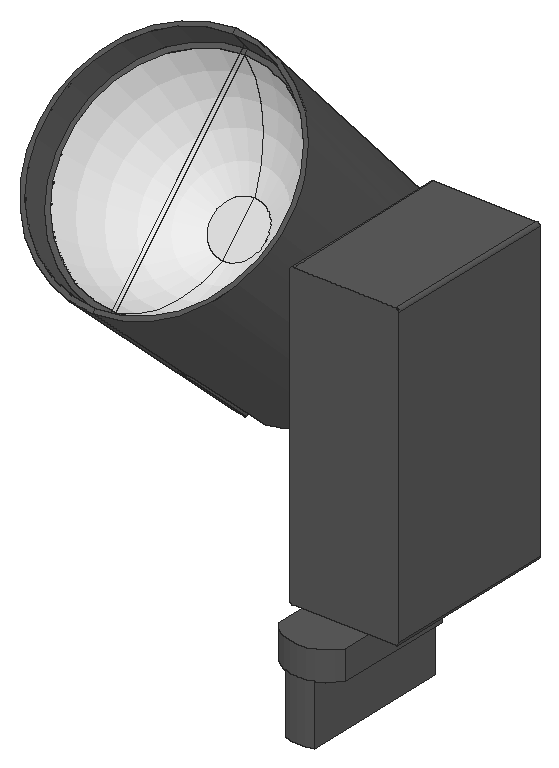
Revit family "0004953 Feilo Sylvania Lighting Fixture START TRACK SPOT L DALI 4897LM 940 MB BLK", category Lighting Fixtures, host Face, Revit 2017
Family settings
  Host = Face
  Round Connector Dimension = Use Diameter
  Part Type = Normal
  OmniClass Number = 23.80.70.00
  OmniClass Title = Lighting
  Cut with Voids When Loaded = No
  Light Source = No
  Shared = No
  Room Calculation Point = No
Parameters (values of type "0004953 START TRACK SPOT L DALI 4897LM 940 MB BLK")
  Weight = "1.398 kg"
  Wattage Comments = ""
  WarrantyStartDate [instance] = "n/a"
  WarrantyGuarantorParts = "n/a"
  WarrantyDurationUnit = "n/a"
  WarrantyDurationParts = "n/a"
  WarrantyDescription = "n/a"
  Voltage = 230 V
  URL = "http://www.sylvania-lighting.com/"
  TypeName = "START TRACK SPOT L DALI 4897LM 940 MB BLK"
  TypeHead_FEILO = Start Track Spot Head : 0004905 START TRACK SPOT L 55W 4K RA90 MB BLACK
  TypeBox_FEILO = Start Track Spot Box : Type Large Black
  Type Image = <None>
  Type Comments = "n/a"
  VerticalRotation_FEILO [instance] = 0.00°
  SlideEndAngle_FEILO [instance] = VerticalRotation_FEILO + 180.00°  # 180.00°
  SerialNumber [instance] = "n/a"
  Material_3_FEILO = none
  PowerFactor = 0.96
  PowerConsumption = "55 W"
  NominalLength = 0 mm
  NominalHeight = 240 mm
  NominalDepth = 164 mm
  Name = "START TRACK SPOT L DALI 4897LM 940 MB BLK"
  ModelReference = Name  # "START TRACK SPOT L DALI 4897LM 940 MB BLK"
  ModelNumber = "0004953"
  Model = Name  # "START TRACK SPOT L DALI 4897LM 940 MB BLK"
  Material = "adc12 aluminium housing, polycarbonate diffuser"
  ManufacturerName = "Feilo Sylvania"
  Manufacturer = "Feilo Sylvania"
  LuminousEfficacy = "89 lm/W"
  LuminaireType = ""
  LightOutputRatio = "100"
  LampsType = Lamp  # "LED"
  LampNominalLuminous = "4897 lm"
  LampMacAdamStep = "3"
  LampColourTemperature = "4000 K"
  LampColourRenderingIndex = "90"
  Lamp = "LED"
  Keynote = "16500"
  InstallationDate [instance] = "n/a"
  InputVoltage = "230-240V~"
  InputNominalFrequency = "50/60 Hz"
  IngressProtection = "IP20"
  ImpactProtectionIndex = "IK02"
  IfcExportType = "IfcLightFixtureType"
  IfcExportAs = "IfcLightFixtureType"
  HorizontalRotation_FEILO [instance] = 45.00°
  ExpectedLife = 50000
  ElectricShockClassification = "Class II"
  DurationUnit = "hours"
  DocumentationLiterature = "http://www.sylvania-lighting.com/product/en-int/products/0004905"
  DimmingControlOptions = "Dimmable"
  Material_2_FEILO = none
  Description = "Integrated LED spotlight, Textured Black - RAL9005, compact and minimalist design, ideal for retail applications, die-cast aluminium body, passive cooling heatsink. Beam angle: 38°, color temperature: 4000K , total system power: 55W, total fixture output: 4897 lm, LOR: 100%, colour rendering: Ra: 90 typical, LED Chromaticity: 3 step MacAdam ellipse, lifetime: >50000 hours at L70B50, energy class: A++, A+, A, IR/UV free light source without heat radiation, operating voltage: 220-240V / 50-60Hz, drive current: 1400mA, electronic driver, non-dimmable, power factor: 0.96, electrical protection: Class II, Global Track 3 Phase adapter suitable for Global trac 3-circuit tracks, ingress protection rating: IP20, suitable for internal environment only, horizontal rotation: 355°, vertical tilt: 90°, dimensions: Ø113x164x240, weight: 1.398kg."
  Default Elevation = 1219.2 mm
  CreatedOn = "04/26/2018"
  CreatedBy = ""
  Cost = 0
  built-in parameter 1114216 [instance] = (empty or 0)
  ClassificationValue = "EF_70_80"
  ClassificationName = "Uniclass2015"
  Material_1_FEILO = Body-Sylvania-StartTrackSpot-Black
  BarCode [instance] = "n/a"
  AssetType = "Fixed"
  AssetIdentifier [instance] = "n/a"
  Assembly Code = "D5020200"
  Apparent Load = 55 VA
  Material_4_FEILO = none
Reference planes
  plane 1 "Center (Front/Back)": y = 0
  plane 2: z = 0
  plane 3 "Center (Left/Right)": x = 0
  plane 4: x = 15
  plane 5: x = -15
  plane 6: y = 35
  plane 7: y = -35
  plane 8: z = 13
  plane 9: z = -27
  plane 10: x = 6.5
  plane 11: x = -6.5
  plane 12: y = 27
  plane 13: y = -27
  plane 14: y = 20
Forms (mm)
  Extrusion 1, solid, material "Body-Sylvania-StartTrackSpot-Black" <- "Material_1_FEILO"
    sketch origin (0, 0, 0) x (1, 0, 0) y (0, 1, 0)
      loop
        line (-15, 27) -> (-15, -27)
        arc (-15, -27) -> (0, -35) -> (15, -27) r 18.062
        line (15, -27) -> (15, 27)
        arc (15, 27) -> (0, 35) -> (-15, 27) r 18.062
    from 0 to 13
  Extrusion 2, solid, material "Body-Sylvania-StartTrackSpot-Black" <- "Material_1_FEILO"
    sketch origin (0, 0, 0) x (1, 0, 0) y (0, 1, 0)
      loop
        arc (6.5, 33.79) -> (0, 35) -> (-6.5, 33.79) r 18.062
        line (-6.5, 33.79) -> (-6.5, -33.79)
        arc (-6.5, -33.79) -> (0, -35) -> (6.5, -33.79) r 18.062
        line (6.5, -33.79) -> (6.5, 33.79)
    from 0 to -27
  Revolve 3, solid, not visible
    sketch origin (1524, 20, 1219.2) x (1, 0, 0) y (0, 0, 1)
      loop
        line (-1524, -1206.2) -> (-1524, -1191.285) -> (-1530.5, -1191.285) -> (-1530.5, -1206.2) -> (-1524, -1206.2)
      axis (-1524, -1191.285) -> (-1524, -1206.2)
    angle from 0 <- "VerticalRotation_FEILO" to 180 <- "SlideEndAngle_FEILO"
Cuts and joins
  joined: Extrusion 1, Extrusion 2
Dimensions and locks
  equal spacing: plane 10, plane 3 "Center (Left/Right)", plane 11
  equal spacing: plane 4, plane 3 "Center (Left/Right)", plane 5
  locked: plane 8 to plane 2 at 13
  locked: plane 8 to plane 9 at 40
  equal spacing: plane 13, plane 1 "Center (Front/Back)", plane 12
  locked: plane 12 to plane 6 at 8
  locked: plane 14 to plane 6 at 15
  locked: Revolve 3 sketch curve to plane 8 at 14.915
  aligned and locked: plane 2 to host face
  aligned and locked: level to host face
  aligned and locked: plane 5 to Extrusion 1 sketch curve  (x2)
  aligned and locked: plane 12 to Extrusion 1 sketch curve
  aligned and locked: plane 13 to Extrusion 1 sketch curve
  aligned and locked: plane 4 to Extrusion 1 sketch curve
  aligned and locked: Extrusion 1 to plane 8
  aligned and locked: Extrusion 1 to level
  aligned and locked: Extrusion 2 sketch curve to Extrusion 1  (x2)
  aligned and locked: Extrusion 2 sketch curve to plane 11
  aligned and locked: plane 10 to Extrusion 2 sketch curve
  aligned and locked: plane 9 to Extrusion 2
  aligned and locked: level to Extrusion 2
  aligned and locked: Revolve 3 sketch curve to plane 3 "Center (Left/Right)"  (x2)
  aligned and locked: plane 11 to Revolve 3 sketch curve
  aligned and locked: Revolve 3 sketch curve to plane 8
Automatic sketch dimensions
  host sketch curve to host sketch curve = 2438.4 mm  (x2)
  Extrusion 1 sketch curve to plane 3 "Center (Left/Right)" = 0 mm  (x2)
  Extrusion 1 sketch curve to plane 13 = 10.062 mm
  plane 12 to Extrusion 1 sketch curve = 10.062 mm
  Revolve 3 sketch curve to plane 3 "Center (Left/Right)" = 0 mm
  plane 9 to Revolve 3 sketch curve = 582.6 mm
  Revolve 3 sketch curve to Revolve 3 sketch curve = 2581.144 mm
Nested families
  nested 1: "Start Track Spot Head" at (-75.5, 20, 133) x (0, 0.7071, 0.7071) z (0, 0.7071, -0.7071), type <- "TypeHead_FEILO", type "0004905 START TRACK SPOT L 55W 4K RA90 MB BLACK"
    with built-in parameter 1114216 (empty or 0)
  nested 2: "Start Track Spot Box" at (8.5, 20, 85) x (-1, 0, 0) z (0, -1, 0), BoxStartAngle_FEILO <- "HorizontalRotation_FEILO", type <- "TypeBox_FEILO", type "Type Large Black"
    with BoxStartAngle_FEILO 45.00°, BoxEndAngle_FEILO -135.00°
Connectors
  electrical at (0, 0, 0), driven by "Apparent Load", driven by "PowerFactor", driven by "Voltage"
    settings: index 1, voltage 230 V, apparent load 55 VA, apparent load phase1 0 VA, apparent load phase2 0 VA, apparent load phase3 0 VA, power factor 0.96, load classification "Lighting", number of poles 1, system type 30, power factor state 1, is connector primary yes, connector utility no, sub classification motor no, connector description ""
Definition of nested family "Start Track Spot Head"
  Parameters (values of type "0004811 START TRACK SPOT S 14W 3K RA80 NB WHITE")
    Wattage Comments = "n/a"
    Wattage = 14 W
    built-in parameter 1150110 = 1 (stored number, unit not read)
    URL = "http://www.feilosylvania.com"
    Type Image = (empty or 0)
    Type Comments = "n/a"
    built-in parameter 1114217 = 1 (stored number, unit not read)
    Tilt Angle = -90.00°
    built-in parameter 1150109 = 1 (stored number, unit not read)
    built-in parameter 1150134 = (empty or 0)
    built-in parameter 1150113 = 1 (stored number, unit not read)
    Photometric Web File = "0004811.ies"
    Material_3_FEILO = none
    Model = "START TRACK SPOT S 14W 3K RA80 NB WHITE"
    Manufacturer = "Feilo Sylvania"
    built-in parameter 1150105 = 123.66 (stored number, unit not read)
    Lumens = 1554 lm
    built-in parameter 1150115 = 1 (stored number, unit not read)
    built-in parameter 1150137 = (empty or 0)
    built-in parameter 1150139 = (empty or 0)
    built-in parameter 1150112 = 1 (stored number, unit not read)
    built-in parameter 1150114 = 1 (stored number, unit not read)
    Lamp = "LED"
    Keynote = "16500"
    Material_2_FEILO = none
    built-in parameter 1150132 = (empty or 0)
    built-in parameter 1150102 = (empty or 0)
    built-in parameter 1150107 = 3000 (stored number, unit not read)
    built-in parameter 1150138 = (empty or 0)
    built-in parameter 1150106 = 1.2366 (stored number, unit not read)
    HeadThickness_FEILO = if(HeadDiaOut_FEILO > 112 mm, 2 mm, 1.5 mm)  # 1.5 mm
    HeadRibOffset_FEILO = HeadHeight_FEILO / 28  # 4.179 mm
    HeadRibDepth_FEILO = HeadHeight_FEILO / 2.1  # 55.714 mm
    HeadRibCutWidth_FEILO = HeadDiaOut_FEILO / 12  # 7.167 mm
    HeadRibCutOffset_FEILO = HeadHeight_FEILO / 2.3  # 50.87 mm
    HeadReflectorRadius_FEILO = HeadDiaOut_FEILO / 1.7  # 50.588 mm
    HeadReflectorOffset_FEILO = HeadHeight_FEILO / 2.1  # 55.714 mm
    HeadLEDRadius_FEILO = HeadDiaOut_FEILO / 9  # 9.556 mm
    HeadHeight_FEILO = 117 mm
    HeadDraft_FEILO = 1 mm
    HeadDiffusorThickness_FEILO = 3 mm
    HeadDiffusorOffset_FEILO = HeadHeight_FEILO / 12.4  # 9.435 mm
    HeadDiaOut_FEILO = 86 mm
    HeadDiaIn_FEILO = HeadDiaOut_FEILO / 1.11  # 77.477 mm
    HeadAxisFromTop_FEILO = HeadHeight_FEILO / 1.687  # 69.354 mm
    Emit from Circle Diameter = HeadDiaIn_FEILO  # 77.477 mm
    Emit Shape Visible in Rendering = no
    built-in parameter 1150104 = 10.312 (stored number, unit not read)
    Dimming Lamp Color Temperature Shift = (empty or 0)
    Description = "Integrated LED spotlight, Textured White - RAL9016, compact and minimalist design, ideal for retail applications, die-cast aluminium body, passive cooling heatsink. Beam angle: 12°, color temperature: 3000K , total system power: 14W, total fixture output: 1551 lm, LOR: 100%, colour rendering: Ra: 80 typical, LED Chromaticity: 3 step MacAdam ellipse, lifetime: >50000 hours at L70B50, energy class: A++, A+, A, IR/UV free light source without heat radiation, operating voltage: 220-240V / 50-60Hz, drive current: 350mA, electronic driver, non-dimmable, power factor: 0.92, electrical protection: Class II, Global Track 3 Phase adapter suitable for Global trac 3-circuit tracks, ingress protection rating: IP20, suitable for internal environment only, horizontal rotation: 355°, vertical tilt: 90°, dimensions: Ø86x140x200, weight: 0.940kg."
    Default Elevation = 1219.2 mm
    Cost = 0
    Color Filter = 16777215
    built-in parameter 1114216 [instance] = (empty or 0)
    Material_1_FEILO = none
    built-in parameter 1114218 = 1 (stored number, unit not read)
    built-in parameter 1150133 = 10 (stored number, unit not read)
    Assembly Code = "D5020200"
    Apparent Load = 14 VA
    Material_4_FEILO = none
  Types (96, lengths in mm): name | Wattage | built-in parameter 1150134 | Photometric Web File | Model | built-in parameter 1150105 | Lumens | built-in parameter 1150107 | built-in parameter 1150106 | HeadThickness_FEILO | HeadRibOffset_FEILO | HeadRibDepth_FEILO | HeadRibCutWidth_FEILO | HeadRibCutOffset_FEILO | HeadReflectorRadius_FEILO | HeadReflectorOffset_FEILO | HeadLEDRadius_FEILO | HeadHeight_FEILO | HeadDiffusorOffset_FEILO | HeadDiaOut_FEILO | HeadDiaIn_FEILO | HeadAxisFromTop_FEILO | Emit from Circle Diameter | built-in parameter 1150104 | Description | Apparent Load
    0004906 START TRACK SPOT L 55W 4K RA90 WB BLACK | 55 W | 12 | "0004906.ies" | "START TRACK SPOT L 55W 4K RA90 WB BLACK" | 385.15 (stored number, unit not read) | 4840 lm | 4000 (stored number, unit not read) | 3.8515 (stored number, unit not read) | 2 | 4.429 | 59.048 | 9.417 | 53.913 | 66.471 | 59.048 | 12.556 | 124 | 10 | 113 | 101.802 | 73.503 | 101.802 | 8.1755 (stored number, unit not read) | "Integrated LED spotlight, Textured Black - RAL9005, compact and minimalist design, ideal for retail applications, die-cast aluminium body, passive cooling heatsink. Beam angle: 52°, color temperature: 4000K , total system power: 55W, total fixture output: 4824 lm, LOR: 100%, colour rendering: Ra: 90 typical, LED Chromaticity: 3 step MacAdam ellipse, lifetime: >50000 hours at L70B50, energy class: A++, A+, A, IR/UV free light source without heat radiation, operating voltage: 220-240V / 50-60Hz, drive current: 1400mA, electronic driver, non-dimmable, power factor: 0.96, electrical protection: Class II, Global Track 3 Phase adapter suitable for Global trac 3-circuit tracks, ingress protection rating: IP20, suitable for internal environment only, horizontal rotation: 355°, vertical tilt: 90°, dimensions: Ø113x164x240, weight: 1.398kg." | 55 VA
    0004905 START TRACK SPOT L 55W 4K RA90 MB BLACK | 55 W | 12 | "0004905.ies" | "START TRACK SPOT L 55W 4K RA90 MB BLACK" | 389.53 (stored number, unit not read) | 4895 lm | 4000 (stored number, unit not read) | 3.8953 (stored number, unit not read) | 2 | 4.429 | 59.048 | 9.417 | 53.913 | 66.471 | 59.048 | 12.556 | 124 | 10 | 113 | 101.802 | 73.503 | 101.802 | 8.2684 (stored number, unit not read) | "Integrated LED spotlight, Textured Black - RAL9005, compact and minimalist design, ideal for retail applications, die-cast aluminium body, passive cooling heatsink. Beam angle: 38°, color temperature: 4000K , total system power: 55W, total fixture output: 4897 lm, LOR: 100%, colour rendering: Ra: 90 typical, LED Chromaticity: 3 step MacAdam ellipse, lifetime: >50000 hours at L70B50, energy class: A++, A+, A, IR/UV free light source without heat radiation, operating voltage: 220-240V / 50-60Hz, drive current: 1400mA, electronic driver, non-dimmable, power factor: 0.96, electrical protection: Class II, Global Track 3 Phase adapter suitable for Global trac 3-circuit tracks, ingress protection rating: IP20, suitable for internal environment only, horizontal rotation: 355°, vertical tilt: 90°, dimensions: Ø113x164x240, weight: 1.398kg." | 55 VA
    0004904 START TRACK SPOT L 55W 4K RA90 NB BLACK | 55 W | 12 | "0004904.ies" | "START TRACK SPOT L 55W 4K RA90 NB BLACK" | 393.91 (stored number, unit not read) | 4950 lm | 4000 (stored number, unit not read) | 3.9391 (stored number, unit not read) | 2 | 4.429 | 59.048 | 9.417 | 53.913 | 66.471 | 59.048 | 12.556 | 124 | 10 | 113 | 101.802 | 73.503 | 101.802 | 8.3613 (stored number, unit not read) | "Integrated LED spotlight, Textured Black - RAL9005, compact and minimalist design, ideal for retail applications, die-cast aluminium body, passive cooling heatsink. Beam angle: 15°, color temperature: 4000K , total system power: 55W, total fixture output: 4965 lm, LOR: 100%, colour rendering: Ra: 90 typical, LED Chromaticity: 3 step MacAdam ellipse, lifetime: >50000 hours at L70B50, energy class: A++, A+, A, IR/UV free light source without heat radiation, operating voltage: 220-240V / 50-60Hz, drive current: 1400mA, electronic driver, non-dimmable, power factor: 0.96, electrical protection: Class II, Global Track 3 Phase adapter suitable for Global trac 3-circuit tracks, ingress protection rating: IP20, suitable for internal environment only, horizontal rotation: 355°, vertical tilt: 90°, dimensions: Ø113x164x240, weight: 1.398kg." | 55 VA
    0004903 START TRACK SPOT L 35W 4K RA90 WB BLACK | 35 W | 12 | "0004903.ies" | "START TRACK SPOT L 35W 4K RA90 WB BLACK" | 284.09 (stored number, unit not read) | 3570 lm | 4000 (stored number, unit not read) | 2.8409 (stored number, unit not read) | 2 | 4.429 | 59.048 | 9.417 | 53.913 | 66.471 | 59.048 | 12.556 | 124 | 10 | 113 | 101.802 | 73.503 | 101.802 | 9.4761 (stored number, unit not read) | "Integrated LED spotlight, Textured Black - RAL9005, compact and minimalist design, ideal for retail applications, die-cast aluminium body, passive cooling heatsink. Beam angle: 52°, color temperature: 4000K , total system power: 35W, total fixture output: 3562 lm, LOR: 100%, colour rendering: Ra: 90 typical, LED Chromaticity: 3 step MacAdam ellipse, lifetime: >50000 hours at L70B50, energy class: A++, A+, A, IR/UV free light source without heat radiation, operating voltage: 220-240V / 50-60Hz, drive current: 900mA, electronic driver, non-dimmable, power factor: 0.93, electrical protection: Class II, Global Track 3 Phase adapter suitable for Global trac 3-circuit tracks, ingress protection rating: IP20, suitable for internal environment only, horizontal rotation: 355°, vertical tilt: 90°, dimensions: Ø113x164x240, weight: 1.368kg." | 35 VA
    0004902 START TRACK SPOT L 35W 4K RA90 MB BLACK | 35 W | 12 | "0004902.ies" | "START TRACK SPOT L 35W 4K RA90 MB BLACK" | 286.88 (stored number, unit not read) | 3605 lm | 4000 (stored number, unit not read) | 2.8688 (stored number, unit not read) | 2 | 4.429 | 59.048 | 9.417 | 53.913 | 66.471 | 59.048 | 12.556 | 124 | 10 | 113 | 101.802 | 73.503 | 101.802 | 9.569 (stored number, unit not read) | "Integrated LED spotlight, Textured Black - RAL9005, compact and minimalist design, ideal for retail applications, die-cast aluminium body, passive cooling heatsink. Beam angle: 38°, color temperature: 4000K , total system power: 35W, total fixture output: 3616 lm, LOR: 100%, colour rendering: Ra: 90 typical, LED Chromaticity: 3 step MacAdam ellipse, lifetime: >50000 hours at L70B50, energy class: A++, A+, A, IR/UV free light source without heat radiation, operating voltage: 220-240V / 50-60Hz, drive current: 900mA, electronic driver, non-dimmable, power factor: 0.93, electrical protection: Class II, Global Track 3 Phase adapter suitable for Global trac 3-circuit tracks, ingress protection rating: IP20, suitable for internal environment only, horizontal rotation: 355°, vertical tilt: 90°, dimensions: Ø113x164x240, weight: 1.368kg." | 35 VA
    0004901 START TRACK SPOT L 35W 4K RA90 NB BLACK | 35 W | 12 | "0004901.ies" | "START TRACK SPOT L 35W 4K RA90 NB BLACK" | 286.88 (stored number, unit not read) | 3605 lm | 4000 (stored number, unit not read) | 2.8688 (stored number, unit not read) | 2 | 4.429 | 59.048 | 9.417 | 53.913 | 66.471 | 59.048 | 12.556 | 124 | 10 | 113 | 101.802 | 73.503 | 101.802 | 9.569 (stored number, unit not read) | "Integrated LED spotlight, Textured Black - RAL9005, compact and minimalist design, ideal for retail applications, die-cast aluminium body, passive cooling heatsink. Beam angle: 15°, color temperature: 4000K , total system power: 35W, total fixture output: 3593 lm, LOR: 100%, colour rendering: Ra: 90 typical, LED Chromaticity: 3 step MacAdam ellipse, lifetime: >50000 hours at L70B50, energy class: A++, A+, A, IR/UV free light source without heat radiation, operating voltage: 220-240V / 50-60Hz, drive current: 900mA, electronic driver, non-dimmable, power factor: 0.93, electrical protection: Class II, Global Track 3 Phase adapter suitable for Global trac 3-circuit tracks, ingress protection rating: IP20, suitable for internal environment only, horizontal rotation: 355°, vertical tilt: 90°, dimensions: Ø113x164x240, weight: 1.368kg." | 35 VA
    0004900 START TRACK SPOT S 24W 4K RA90 WB BLACK | 24 W | 12 | "0004900.ies" | "START TRACK SPOT S 24W 4K RA90 WB BLACK" | 166.16 (stored number, unit not read) | 2088 lm | 4000 (stored number, unit not read) | 1.6616 (stored number, unit not read) | 1.5 | 4.179 | 55.714 | 7.167 | 50.87 | 50.588 | 55.714 | 9.556 | 117 | 9.435 | 86 | 77.477 | 69.354 | 77.477 | 8.0826 (stored number, unit not read) | "Integrated LED spotlight, Textured Black - RAL9005, compact and minimalist design, ideal for retail applications, die-cast aluminium body, passive cooling heatsink. Beam angle: 64°, color temperature: 4000K , total system power: 24W, total fixture output: 2087 lm, LOR: 100%, colour rendering: Ra: 90 typical, LED Chromaticity: 3 step MacAdam ellipse, lifetime: >50000 hours at L70B50, energy class: A++, A+, A, IR/UV free light source without heat radiation, operating voltage: 220-240V / 50-60Hz, drive current: 600mA, electronic driver, non-dimmable, power factor: 0.95, electrical protection: Class II, Global Track 3 Phase adapter suitable for Global trac 3-circuit tracks, ingress protection rating: IP20, suitable for internal environment only, horizontal rotation: 355°, vertical tilt: 90°, dimensions: Ø86x140x200, weight: 0.966kg." | 24 VA
    0004899 START TRACK SPOT S 24W 4K RA90 MB BLACK | 24 W | 12 | "0004899.ies" | "START TRACK SPOT S 24W 4K RA90 MB BLACK" | 169.98 (stored number, unit not read) | 2136 lm | 4000 (stored number, unit not read) | 1.6998 (stored number, unit not read) | 1.5 | 4.179 | 55.714 | 7.167 | 50.87 | 50.588 | 55.714 | 9.556 | 117 | 9.435 | 86 | 77.477 | 69.354 | 77.477 | 8.2684 (stored number, unit not read) | "Integrated LED spotlight, Textured Black - RAL9005, compact and minimalist design, ideal for retail applications, die-cast aluminium body, passive cooling heatsink. Beam angle: 36°, color temperature: 4000K , total system power: 24W, total fixture output: 2141 lm, LOR: 100%, colour rendering: Ra: 90 typical, LED Chromaticity: 3 step MacAdam ellipse, lifetime: >50000 hours at L70B50, energy class: A++, A+, A, IR/UV free light source without heat radiation, operating voltage: 220-240V / 50-60Hz, drive current: 600mA, electronic driver, non-dimmable, power factor: 0.95, electrical protection: Class II, Global Track 3 Phase adapter suitable for Global trac 3-circuit tracks, ingress protection rating: IP20, suitable for internal environment only, horizontal rotation: 355°, vertical tilt: 90°, dimensions: Ø86x140x200, weight: 0.966kg." | 24 VA
    0004898 START TRACK SPOT S 24W 4K RA90 NB BLACK | 24 W | 12 | "0004898.ies" | "START TRACK SPOT S 24W 4K RA90 NB BLACK" | 171.89 (stored number, unit not read) | 2160 lm | 4000 (stored number, unit not read) | 1.7189 (stored number, unit not read) | 1.5 | 4.179 | 55.714 | 7.167 | 50.87 | 50.588 | 55.714 | 9.556 | 117 | 9.435 | 86 | 77.477 | 69.354 | 77.477 | 8.3613 (stored number, unit not read) | "Integrated LED spotlight, Textured Black - RAL9005, compact and minimalist design, ideal for retail applications, die-cast aluminium body, passive cooling heatsink. Beam angle: 12°, color temperature: 4000K , total system power: 24W, total fixture output: 2155 lm, LOR: 100%, colour rendering: Ra: 90 typical, LED Chromaticity: 3 step MacAdam ellipse, lifetime: >50000 hours at L70B50, energy class: A++, A+, A, IR/UV free light source without heat radiation, operating voltage: 220-240V / 50-60Hz, drive current: 600mA, electronic driver, non-dimmable, power factor: 0.95, electrical protection: Class II, Global Track 3 Phase adapter suitable for Global trac 3-circuit tracks, ingress protection rating: IP20, suitable for internal environment only, horizontal rotation: 355°, vertical tilt: 90°, dimensions: Ø86x140x200, weight: 0.966kg." | 24 VA
    0004897 START TRACK SPOT S 14W 4K RA90 WB BLACK | 14 W | 12 | "0004897.ies" | "START TRACK SPOT S 14W 4K RA90 WB BLACK" | 108.07 (stored number, unit not read) | 1358 lm | 4000 (stored number, unit not read) | 1.0807 (stored number, unit not read) | 1.5 | 4.179 | 55.714 | 7.167 | 50.87 | 50.588 | 55.714 | 9.556 | 117 | 9.435 | 86 | 77.477 | 69.354 | 77.477 | 9.0116 (stored number, unit not read) | "Integrated LED spotlight, Textured Black - RAL9005, compact and minimalist design, ideal for retail applications, die-cast aluminium body, passive cooling heatsink. Beam angle: 64°, color temperature: 4000K , total system power: 14W, total fixture output: 1352 lm, LOR: 100%, colour rendering: Ra: 90 typical, LED Chromaticity: 3 step MacAdam ellipse, lifetime: >50000 hours at L70B50, energy class: A++, A+, A, IR/UV free light source without heat radiation, operating voltage: 220-240V / 50-60Hz, drive current: 350mA, electronic driver, non-dimmable, power factor: 0.92, electrical protection: Class II, Global Track 3 Phase adapter suitable for Global trac 3-circuit tracks, ingress protection rating: IP20, suitable for internal environment only, horizontal rotation: 355°, vertical tilt: 90°, dimensions: Ø86x140x200, weight: 0.940kg." | 14 VA
    0004896 START TRACK SPOT S 14W 4K RA90 MB BLACK | 14 W | 12 | "0004896.ies" | "START TRACK SPOT S 14W 4K RA90 MB BLACK" | 108.07 (stored number, unit not read) | 1358 lm | 4000 (stored number, unit not read) | 1.0807 (stored number, unit not read) | 1.5 | 4.179 | 55.714 | 7.167 | 50.87 | 50.588 | 55.714 | 9.556 | 117 | 9.435 | 86 | 77.477 | 69.354 | 77.477 | 9.0116 (stored number, unit not read) | "Integrated LED spotlight, Textured Black - RAL9005, compact and minimalist design, ideal for retail applications, die-cast aluminium body, passive cooling heatsink. Beam angle: 36°, color temperature: 4000K , total system power: 14W, total fixture output: 1359 lm, LOR: 100%, colour rendering: Ra: 90 typical, LED Chromaticity: 3 step MacAdam ellipse, lifetime: >50000 hours at L70B50, energy class: A++, A+, A, IR/UV free light source without heat radiation, operating voltage: 220-240V / 50-60Hz, drive current: 350mA, electronic driver, non-dimmable, power factor: 0.92, electrical protection: Class II, Global Track 3 Phase adapter suitable for Global trac 3-circuit tracks, ingress protection rating: IP20, suitable for internal environment only, horizontal rotation: 355°, vertical tilt: 90°, dimensions: Ø86x140x200, weight: 0.940kg." | 14 VA
    0004895 START TRACK SPOT S 14W 4K RA90 NB BLACK | 14 W | 12 | "0004895.ies" | "START TRACK SPOT S 14W 4K RA90 NB BLACK" | 106.95 (stored number, unit not read) | 1344 lm | 4000 (stored number, unit not read) | 1.0695 (stored number, unit not read) | 1.5 | 4.179 | 55.714 | 7.167 | 50.87 | 50.588 | 55.714 | 9.556 | 117 | 9.435 | 86 | 77.477 | 69.354 | 77.477 | 8.9187 (stored number, unit not read) | "Integrated LED spotlight, Textured Black - RAL9005, compact and minimalist design, ideal for retail applications, die-cast aluminium body, passive cooling heatsink. Beam angle: 12°, color temperature: 4000K , total system power: 14W, total fixture output: 1349 lm, LOR: 100%, colour rendering: Ra: 90 typical, LED Chromaticity: 3 step MacAdam ellipse, lifetime: >50000 hours at L70B50, energy class: A++, A+, A, IR/UV free light source without heat radiation, operating voltage: 220-240V / 50-60Hz, drive current: 350mA, electronic driver, non-dimmable, power factor: 0.92, electrical protection: Class II, Global Track 3 Phase adapter suitable for Global trac 3-circuit tracks, ingress protection rating: IP20, suitable for internal environment only, horizontal rotation: 355°, vertical tilt: 90°, dimensions: Ø86x140x200, weight: 0.940kg." | 14 VA
    0004894 START TRACK SPOT L 55W 3K RA90 WB BLACK | 55 W | (empty or 0) | "0004894.ies" | "START TRACK SPOT L 55W 3K RA90 WB BLACK" | 350.14 (stored number, unit not read) | 4400 lm | 3000 (stored number, unit not read) | 3.5014 (stored number, unit not read) | 2 | 4.429 | 59.048 | 9.417 | 53.913 | 66.471 | 59.048 | 12.556 | 124 | 10 | 113 | 101.802 | 73.503 | 101.802 | 7.4322 (stored number, unit not read) | "Integrated LED spotlight, Textured Black - RAL9005, compact and minimalist design, ideal for retail applications, die-cast aluminium body, passive cooling heatsink. Beam angle: 52°, color temperature: 3000K , total system power: 55W, total fixture output: 4405 lm, LOR: 100%, colour rendering: Ra: 90 typical, LED Chromaticity: 3 step MacAdam ellipse, lifetime: >50000 hours at L70B50, energy class: A++, A+, A, IR/UV free light source without heat radiation, operating voltage: 220-240V / 50-60Hz, drive current: 1400mA, electronic driver, non-dimmable, power factor: 0.96, electrical protection: Class II, Global Track 3 Phase adapter suitable for Global trac 3-circuit tracks, ingress protection rating: IP20, suitable for internal environment only, horizontal rotation: 355°, vertical tilt: 90°, dimensions: Ø113x164x240, weight: 1.398kg." | 55 VA
    0004893 START TRACK SPOT L 55W 3K RA90 MB BLACK | 55 W | (empty or 0) | "0004893.ies" | "START TRACK SPOT L 55W 3K RA90 MB BLACK" | 354.52 (stored number, unit not read) | 4455 lm | 3000 (stored number, unit not read) | 3.5452 (stored number, unit not read) | 2 | 4.429 | 59.048 | 9.417 | 53.913 | 66.471 | 59.048 | 12.556 | 124 | 10 | 113 | 101.802 | 73.503 | 101.802 | 7.5251 (stored number, unit not read) | "Integrated LED spotlight, Textured Black - RAL9005, compact and minimalist design, ideal for retail applications, die-cast aluminium body, passive cooling heatsink. Beam angle: 38°, color temperature: 3000K , total system power: 55W, total fixture output: 4448 lm, LOR: 100%, colour rendering: Ra: 90 typical, LED Chromaticity: 3 step MacAdam ellipse, lifetime: >50000 hours at L70B50, energy class: A++, A+, A, IR/UV free light source without heat radiation, operating voltage: 220-240V / 50-60Hz, drive current: 1400mA, electronic driver, non-dimmable, power factor: 0.96, electrical protection: Class II, Global Track 3 Phase adapter suitable for Global trac 3-circuit tracks, ingress protection rating: IP20, suitable for internal environment only, horizontal rotation: 355°, vertical tilt: 90°, dimensions: Ø113x164x240, weight: 1.398kg." | 55 VA
    0004892 START TRACK SPOT L 55W 3K RA90 NB BLACK | 55 W | (empty or 0) | "0004892.ies" | "START TRACK SPOT L 55W 3K RA90 NB BLACK" | 350.14 (stored number, unit not read) | 4400 lm | 3000 (stored number, unit not read) | 3.5014 (stored number, unit not read) | 2 | 4.429 | 59.048 | 9.417 | 53.913 | 66.471 | 59.048 | 12.556 | 124 | 10 | 113 | 101.802 | 73.503 | 101.802 | 7.4322 (stored number, unit not read) | "Integrated LED spotlight, Textured Black - RAL9005, compact and minimalist design, ideal for retail applications, die-cast aluminium body, passive cooling heatsink. Beam angle: 15°, color temperature: 3000K , total system power: 55W, total fixture output: 4416 lm, LOR: 100%, colour rendering: Ra: 90 typical, LED Chromaticity: 3 step MacAdam ellipse, lifetime: >50000 hours at L70B50, energy class: A++, A+, A, IR/UV free light source without heat radiation, operating voltage: 220-240V / 50-60Hz, drive current: 1400mA, electronic driver, non-dimmable, power factor: 0.96, electrical protection: Class II, Global Track 3 Phase adapter suitable for Global trac 3-circuit tracks, ingress protection rating: IP20, suitable for internal environment only, horizontal rotation: 355°, vertical tilt: 90°, dimensions: Ø113x164x240, weight: 1.398kg." | 55 VA
    0004891 START TRACK SPOT L 35W 3K RA90 WB BLACK | 35 W | (empty or 0) | "0004891.ies" | "START TRACK SPOT L 35W 3K RA90 WB BLACK" | 259.02 (stored number, unit not read) | 3255 lm | 3000 (stored number, unit not read) | 2.5902 (stored number, unit not read) | 2 | 4.429 | 59.048 | 9.417 | 53.913 | 66.471 | 59.048 | 12.556 | 124 | 10 | 113 | 101.802 | 73.503 | 101.802 | 8.64 (stored number, unit not read) | "Integrated LED spotlight, Textured Black - RAL9005, compact and minimalist design, ideal for retail applications, die-cast aluminium body, passive cooling heatsink. Beam angle: 52°, color temperature: 3000K , total system power: 35W, total fixture output: 3260 lm, LOR: 100%, colour rendering: Ra: 90 typical, LED Chromaticity: 3 step MacAdam ellipse, lifetime: >50000 hours at L70B50, energy class: A++, A+, A, IR/UV free light source without heat radiation, operating voltage: 220-240V / 50-60Hz, drive current: 900mA, electronic driver, non-dimmable, power factor: 0.93, electrical protection: Class II, Global Track 3 Phase adapter suitable for Global trac 3-circuit tracks, ingress protection rating: IP20, suitable for internal environment only, horizontal rotation: 355°, vertical tilt: 90°, dimensions: Ø113x164x240, weight: 1.368kg." | 35 VA
    0004890 START TRACK SPOT L 35W 3K RA90 MB BLACK | 35 W | (empty or 0) | "0004890.ies" | "START TRACK SPOT L 35W 3K RA90 MB BLACK" | 261.81 (stored number, unit not read) | 3290 lm | 3000 (stored number, unit not read) | 2.6181 (stored number, unit not read) | 2 | 4.429 | 59.048 | 9.417 | 53.913 | 66.471 | 59.048 | 12.556 | 124 | 10 | 113 | 101.802 | 73.503 | 101.802 | 8.7329 (stored number, unit not read) | "Integrated LED spotlight, Textured Black - RAL9005, compact and minimalist design, ideal for retail applications, die-cast aluminium body, passive cooling heatsink. Beam angle: 38°, color temperature: 3000K , total system power: 35W, total fixture output: 3306 lm, LOR: 100%, colour rendering: Ra: 90 typical, LED Chromaticity: 3 step MacAdam ellipse, lifetime: >50000 hours at L70B50, energy class: A++, A+, A, IR/UV free light source without heat radiation, operating voltage: 220-240V / 50-60Hz, drive current: 900mA, electronic driver, non-dimmable, power factor: 0.93, electrical protection: Class II, Global Track 3 Phase adapter suitable for Global trac 3-circuit tracks, ingress protection rating: IP20, suitable for internal environment only, horizontal rotation: 355°, vertical tilt: 90°, dimensions: Ø113x164x240, weight: 1.368kg." | 35 VA
    0004889 START TRACK SPOT L 35W 3K RA90 NB BLACK | 35 W | (empty or 0) | "0004889.ies" | "START TRACK SPOT L 35W 3K RA90 NB BLACK" | 261.81 (stored number, unit not read) | 3290 lm | 3000 (stored number, unit not read) | 2.6181 (stored number, unit not read) | 2 | 4.429 | 59.048 | 9.417 | 53.913 | 66.471 | 59.048 | 12.556 | 124 | 10 | 113 | 101.802 | 73.503 | 101.802 | 8.7329 (stored number, unit not read) | "Integrated LED spotlight, Textured Black - RAL9005, compact and minimalist design, ideal for retail applications, die-cast aluminium body, passive cooling heatsink. Beam angle: 15°, color temperature: 3000K , total system power: 35W, total fixture output: 3287 lm, LOR: 100%, colour rendering: Ra: 90 typical, LED Chromaticity: 3 step MacAdam ellipse, lifetime: >50000 hours at L70B50, energy class: A++, A+, A, IR/UV free light source without heat radiation, operating voltage: 220-240V / 50-60Hz, drive current: 900mA, electronic driver, non-dimmable, power factor: 0.93, electrical protection: Class II, Global Track 3 Phase adapter suitable for Global trac 3-circuit tracks, ingress protection rating: IP20, suitable for internal environment only, horizontal rotation: 355°, vertical tilt: 90°, dimensions: Ø113x164x240, weight: 1.368kg." | 35 VA
    0004888 START TRACK SPOT S 24W 3K RA90 WB BLACK | 24 W | (empty or 0) | "0004888.ies" | "START TRACK SPOT S 24W 3K RA90 WB BLACK" | 152.79 (stored number, unit not read) | 1920 lm | 3000 (stored number, unit not read) | 1.5279 (stored number, unit not read) | 1.5 | 4.179 | 55.714 | 7.167 | 50.87 | 50.588 | 55.714 | 9.556 | 117 | 9.435 | 86 | 77.477 | 69.354 | 77.477 | 7.4322 (stored number, unit not read) | "Integrated LED spotlight, Textured Black - RAL9005, compact and minimalist design, ideal for retail applications, die-cast aluminium body, passive cooling heatsink. Beam angle: 64°, color temperature: 3000K , total system power: 24W, total fixture output: 1928 lm, LOR: 100%, colour rendering: Ra: 90 typical, LED Chromaticity: 3 step MacAdam ellipse, lifetime: >50000 hours at L70B50, energy class: A++, A+, A, IR/UV free light source without heat radiation, operating voltage: 220-240V / 50-60Hz, drive current: 600mA, electronic driver, non-dimmable, power factor: 0.95, electrical protection: Class II, Global Track 3 Phase adapter suitable for Global trac 3-circuit tracks, ingress protection rating: IP20, suitable for internal environment only, horizontal rotation: 355°, vertical tilt: 90°, dimensions: Ø86x140x200, weight: 0.966kg." | 24 VA
    0004887 START TRACK SPOT S 24W 3K RA90 MB BLACK | 24 W | (empty or 0) | "0004887.ies" | "START TRACK SPOT S 24W 3K RA90 MB BLACK" | 154.7 (stored number, unit not read) | 1944 lm | 3000 (stored number, unit not read) | 1.547 (stored number, unit not read) | 1.5 | 4.179 | 55.714 | 7.167 | 50.87 | 50.588 | 55.714 | 9.556 | 117 | 9.435 | 86 | 77.477 | 69.354 | 77.477 | 7.5251 (stored number, unit not read) | "Integrated LED spotlight, Textured Black - RAL9005, compact and minimalist design, ideal for retail applications, die-cast aluminium body, passive cooling heatsink. Beam angle: 36°, color temperature: 3000K , total system power: 24W, total fixture output: 1944 lm, LOR: 100%, colour rendering: Ra: 90 typical, LED Chromaticity: 3 step MacAdam ellipse, lifetime: >50000 hours at L70B50, energy class: A++, A+, A, IR/UV free light source without heat radiation, operating voltage: 220-240V / 50-60Hz, drive current: 600mA, electronic driver, non-dimmable, power factor: 0.95, electrical protection: Class II, Global Track 3 Phase adapter suitable for Global trac 3-circuit tracks, ingress protection rating: IP20, suitable for internal environment only, horizontal rotation: 355°, vertical tilt: 90°, dimensions: Ø86x140x200, weight: 0.966kg." | 24 VA
    0004886 START TRACK SPOT S 24W 3K RA90 NB BLACK | 24 W | (empty or 0) | "0004886.ies" | "START TRACK SPOT S 24W 3K RA90 NB BLACK" | 158.52 (stored number, unit not read) | 1992 lm | 3000 (stored number, unit not read) | 1.5852 (stored number, unit not read) | 1.5 | 4.179 | 55.714 | 7.167 | 50.87 | 50.588 | 55.714 | 9.556 | 117 | 9.435 | 86 | 77.477 | 69.354 | 77.477 | 7.711 (stored number, unit not read) | "Integrated LED spotlight, Textured Black - RAL9005, compact and minimalist design, ideal for retail applications, die-cast aluminium body, passive cooling heatsink. Beam angle: 12°, color temperature: 3000K , total system power: 24W, total fixture output: 1987 lm, LOR: 100%, colour rendering: Ra: 90 typical, LED Chromaticity: 3 step MacAdam ellipse, lifetime: >50000 hours at L70B50, energy class: A++, A+, A, IR/UV free light source without heat radiation, operating voltage: 220-240V / 50-60Hz, drive current: 600mA, electronic driver, non-dimmable, power factor: 0.95, electrical protection: Class II, Global Track 3 Phase adapter suitable for Global trac 3-circuit tracks, ingress protection rating: IP20, suitable for internal environment only, horizontal rotation: 355°, vertical tilt: 90°, dimensions: Ø86x140x200, weight: 0.966kg." | 24 VA
    0004885 START TRACK SPOT S 14W 3K RA90 WB BLACK | 14 W | (empty or 0) | "0004885.ies" | "START TRACK SPOT S 14W 3K RA90 WB BLACK" | 100.27 (stored number, unit not read) | 1260 lm | 3000 (stored number, unit not read) | 1.0027 (stored number, unit not read) | 1.5 | 4.179 | 55.714 | 7.167 | 50.87 | 50.588 | 55.714 | 9.556 | 117 | 9.435 | 86 | 77.477 | 69.354 | 77.477 | 8.3613 (stored number, unit not read) | "Integrated LED spotlight, Textured Black - RAL9005, compact and minimalist design, ideal for retail applications, die-cast aluminium body, passive cooling heatsink. Beam angle: 64°, color temperature: 3000K , total system power: 14W, total fixture output: 1262 lm, LOR: 100%, colour rendering: Ra: 90 typical, LED Chromaticity: 3 step MacAdam ellipse, lifetime: >50000 hours at L70B50, energy class: A++, A+, A, IR/UV free light source without heat radiation, operating voltage: 220-240V / 50-60Hz, drive current: 350mA, electronic driver, non-dimmable, power factor: 0.92, electrical protection: Class II, Global Track 3 Phase adapter suitable for Global trac 3-circuit tracks, ingress protection rating: IP20, suitable for internal environment only, horizontal rotation: 355°, vertical tilt: 90°, dimensions: Ø86x140x200, weight: 0.940kg." | 14 VA
    0004884 START TRACK SPOT S 14W 3K RA90 MB BLACK | 14 W | (empty or 0) | "0004884.ies" | "START TRACK SPOT S 14W 3K RA90 MB BLACK" | 100.27 (stored number, unit not read) | 1260 lm | 3000 (stored number, unit not read) | 1.0027 (stored number, unit not read) | 1.5 | 4.179 | 55.714 | 7.167 | 50.87 | 50.588 | 55.714 | 9.556 | 117 | 9.435 | 86 | 77.477 | 69.354 | 77.477 | 8.3613 (stored number, unit not read) | "Integrated LED spotlight, Textured Black - RAL9005, compact and minimalist design, ideal for retail applications, die-cast aluminium body, passive cooling heatsink. Beam angle: 36°, color temperature: 3000K , total system power: 14W, total fixture output: 1262 lm, LOR: 100%, colour rendering: Ra: 90 typical, LED Chromaticity: 3 step MacAdam ellipse, lifetime: >50000 hours at L70B50, energy class: A++, A+, A, IR/UV free light source without heat radiation, operating voltage: 220-240V / 50-60Hz, drive current: 350mA, electronic driver, non-dimmable, power factor: 0.92, electrical protection: Class II, Global Track 3 Phase adapter suitable for Global trac 3-circuit tracks, ingress protection rating: IP20, suitable for internal environment only, horizontal rotation: 355°, vertical tilt: 90°, dimensions: Ø86x140x200, weight: 0.940kg." | 14 VA
    0004883 START TRACK SPOT S 14W 3K RA90 NB BLACK | 14 W | (empty or 0) | "0004883.ies" | "START TRACK SPOT S 14W 3K RA90 NB BLACK" | 102.5 (stored number, unit not read) | 1288 lm | 3000 (stored number, unit not read) | 1.025 (stored number, unit not read) | 1.5 | 4.179 | 55.714 | 7.167 | 50.87 | 50.588 | 55.714 | 9.556 | 117 | 9.435 | 86 | 77.477 | 69.354 | 77.477 | 8.5471 (stored number, unit not read) | "Integrated LED spotlight, Textured Black - RAL9005, compact and minimalist design, ideal for retail applications, die-cast aluminium body, passive cooling heatsink. Beam angle: 12°, color temperature: 3000K , total system power: 14W, total fixture output: 1284 lm, LOR: 100%, colour rendering: Ra: 90 typical, LED Chromaticity: 3 step MacAdam ellipse, lifetime: >50000 hours at L70B50, energy class: A++, A+, A, IR/UV free light source without heat radiation, operating voltage: 220-240V / 50-60Hz, drive current: 350mA, electronic driver, non-dimmable, power factor: 0.92, electrical protection: Class II, Global Track 3 Phase adapter suitable for Global trac 3-circuit tracks, ingress protection rating: IP20, suitable for internal environment only, horizontal rotation: 355°, vertical tilt: 90°, dimensions: Ø86x140x200, weight: 0.940kg." | 14 VA
    0004882 START TRACK SPOT L 55W 4K RA90 WB WHITE | 55 W | 12 | "0004882.ies" | "START TRACK SPOT L 55W 4K RA90 WB WHITE" | 385.15 (stored number, unit not read) | 4840 lm | 4000 (stored number, unit not read) | 3.8515 (stored number, unit not read) | 2 | 4.429 | 59.048 | 9.417 | 53.913 | 66.471 | 59.048 | 12.556 | 124 | 10 | 113 | 101.802 | 73.503 | 101.802 | 8.1755 (stored number, unit not read) | "Integrated LED spotlight, Textured White - RAL9016, compact and minimalist design, ideal for retail applications, die-cast aluminium body, passive cooling heatsink. Beam angle: 52°, color temperature: 4000K , total system power: 55W, total fixture output: 4824 lm, LOR: 100%, colour rendering: Ra: 90 typical, LED Chromaticity: 3 step MacAdam ellipse, lifetime: >50000 hours at L70B50, energy class: A++, A+, A, IR/UV free light source without heat radiation, operating voltage: 220-240V / 50-60Hz, drive current: 1400mA, electronic driver, non-dimmable, power factor: 0.96, electrical protection: Class II, Global Track 3 Phase adapter suitable for Global trac 3-circuit tracks, ingress protection rating: IP20, suitable for internal environment only, horizontal rotation: 355°, vertical tilt: 90°, dimensions: Ø113x164x240, weight: 1.398kg." | 55 VA
    0004881 START TRACK SPOT L 55W 4K RA90 MB WHITE | 55 W | 12 | "0004881.ies" | "START TRACK SPOT L 55W 4K RA90 MB WHITE" | 389.53 (stored number, unit not read) | 4895 lm | 4000 (stored number, unit not read) | 3.8953 (stored number, unit not read) | 2 | 4.429 | 59.048 | 9.417 | 53.913 | 66.471 | 59.048 | 12.556 | 124 | 10 | 113 | 101.802 | 73.503 | 101.802 | 8.2684 (stored number, unit not read) | "Integrated LED spotlight, Textured White - RAL9016, compact and minimalist design, ideal for retail applications, die-cast aluminium body, passive cooling heatsink. Beam angle: 38°, color temperature: 4000K , total system power: 55W, total fixture output: 4897 lm, LOR: 100%, colour rendering: Ra: 90 typical, LED Chromaticity: 3 step MacAdam ellipse, lifetime: >50000 hours at L70B50, energy class: A++, A+, A, IR/UV free light source without heat radiation, operating voltage: 220-240V / 50-60Hz, drive current: 1400mA, electronic driver, non-dimmable, power factor: 0.96, electrical protection: Class II, Global Track 3 Phase adapter suitable for Global trac 3-circuit tracks, ingress protection rating: IP20, suitable for internal environment only, horizontal rotation: 355°, vertical tilt: 90°, dimensions: Ø113x164x240, weight: 1.398kg." | 55 VA
    0004880 START TRACK SPOT L 55W 4K RA90 NB WHITE | 55 W | 12 | "0004880.ies" | "START TRACK SPOT L 55W 4K RA90 NB WHITE" | 393.91 (stored number, unit not read) | 4950 lm | 4000 (stored number, unit not read) | 3.9391 (stored number, unit not read) | 2 | 4.429 | 59.048 | 9.417 | 53.913 | 66.471 | 59.048 | 12.556 | 124 | 10 | 113 | 101.802 | 73.503 | 101.802 | 8.3613 (stored number, unit not read) | "Integrated LED spotlight, Textured White - RAL9016, compact and minimalist design, ideal for retail applications, die-cast aluminium body, passive cooling heatsink. Beam angle: 15°, color temperature: 4000K , total system power: 55W, total fixture output: 4965 lm, LOR: 100%, colour rendering: Ra: 90 typical, LED Chromaticity: 3 step MacAdam ellipse, lifetime: >50000 hours at L70B50, energy class: A++, A+, A, IR/UV free light source without heat radiation, operating voltage: 220-240V / 50-60Hz, drive current: 1400mA, electronic driver, non-dimmable, power factor: 0.96, electrical protection: Class II, Global Track 3 Phase adapter suitable for Global trac 3-circuit tracks, ingress protection rating: IP20, suitable for internal environment only, horizontal rotation: 355°, vertical tilt: 90°, dimensions: Ø113x164x240, weight: 1.398kg." | 55 VA
    0004879 START TRACK SPOT L 35W 4K RA90 WB WHITE | 35 W | 12 | "0004879.ies" | "START TRACK SPOT L 35W 4K RA90 WB WHITE" | 284.09 (stored number, unit not read) | 3570 lm | 4000 (stored number, unit not read) | 2.8409 (stored number, unit not read) | 2 | 4.429 | 59.048 | 9.417 | 53.913 | 66.471 | 59.048 | 12.556 | 124 | 10 | 113 | 101.802 | 73.503 | 101.802 | 9.4761 (stored number, unit not read) | "Integrated LED spotlight, Textured White - RAL9016, compact and minimalist design, ideal for retail applications, die-cast aluminium body, passive cooling heatsink. Beam angle: 52°, color temperature: 4000K , total system power: 35W, total fixture output: 3562 lm, LOR: 100%, colour rendering: Ra: 90 typical, LED Chromaticity: 3 step MacAdam ellipse, lifetime: >50000 hours at L70B50, energy class: A++, A+, A, IR/UV free light source without heat radiation, operating voltage: 220-240V / 50-60Hz, drive current: 900mA, electronic driver, non-dimmable, power factor: 0.93, electrical protection: Class II, Global Track 3 Phase adapter suitable for Global trac 3-circuit tracks, ingress protection rating: IP20, suitable for internal environment only, horizontal rotation: 355°, vertical tilt: 90°, dimensions: Ø113x164x240, weight: 1.368kg." | 35 VA
    0004878 START TRACK SPOT L 35W 4K RA90 MB WHITE | 35 W | 12 | "0004878.ies" | "START TRACK SPOT L 35W 4K RA90 MB WHITE" | 286.88 (stored number, unit not read) | 3605 lm | 4000 (stored number, unit not read) | 2.8688 (stored number, unit not read) | 2 | 4.429 | 59.048 | 9.417 | 53.913 | 66.471 | 59.048 | 12.556 | 124 | 10 | 113 | 101.802 | 73.503 | 101.802 | 9.569 (stored number, unit not read) | "Integrated LED spotlight, Textured White - RAL9016, compact and minimalist design, ideal for retail applications, die-cast aluminium body, passive cooling heatsink. Beam angle: 38°, color temperature: 4000K , total system power: 35W, total fixture output: 3616 lm, LOR: 100%, colour rendering: Ra: 90 typical, LED Chromaticity: 3 step MacAdam ellipse, lifetime: >50000 hours at L70B50, energy class: A++, A+, A, IR/UV free light source without heat radiation, operating voltage: 220-240V / 50-60Hz, drive current: 900mA, electronic driver, non-dimmable, power factor: 0.93, electrical protection: Class II, Global Track 3 Phase adapter suitable for Global trac 3-circuit tracks, ingress protection rating: IP20, suitable for internal environment only, horizontal rotation: 355°, vertical tilt: 90°, dimensions: Ø113x164x240, weight: 1.368kg." | 35 VA
    0004877 START TRACK SPOT L 35W 4K RA90 NB WHITE | 35 W | 12 | "0004877.ies" | "START TRACK SPOT L 35W 4K RA90 NB WHITE" | 286.88 (stored number, unit not read) | 3605 lm | 4000 (stored number, unit not read) | 2.8688 (stored number, unit not read) | 2 | 4.429 | 59.048 | 9.417 | 53.913 | 66.471 | 59.048 | 12.556 | 124 | 10 | 113 | 101.802 | 73.503 | 101.802 | 9.569 (stored number, unit not read) | "Integrated LED spotlight, Textured White - RAL9016, compact and minimalist design, ideal for retail applications, die-cast aluminium body, passive cooling heatsink. Beam angle: 15°, color temperature: 4000K , total system power: 35W, total fixture output: 3593 lm, LOR: 100%, colour rendering: Ra: 90 typical, LED Chromaticity: 3 step MacAdam ellipse, lifetime: >50000 hours at L70B50, energy class: A++, A+, A, IR/UV free light source without heat radiation, operating voltage: 220-240V / 50-60Hz, drive current: 900mA, electronic driver, non-dimmable, power factor: 0.93, electrical protection: Class II, Global Track 3 Phase adapter suitable for Global trac 3-circuit tracks, ingress protection rating: IP20, suitable for internal environment only, horizontal rotation: 355°, vertical tilt: 90°, dimensions: Ø113x164x240, weight: 1.368kg." | 35 VA
    0004876 START TRACK SPOT S 24W 4K RA90 WB WHITE | 24 W | 12 | "0004876.ies" | "START TRACK SPOT S 24W 4K RA90 WB WHITE" | 166.16 (stored number, unit not read) | 2088 lm | 4000 (stored number, unit not read) | 1.6616 (stored number, unit not read) | 1.5 | 4.179 | 55.714 | 7.167 | 50.87 | 50.588 | 55.714 | 9.556 | 117 | 9.435 | 86 | 77.477 | 69.354 | 77.477 | 8.0826 (stored number, unit not read) | "Integrated LED spotlight, Textured White - RAL9016, compact and minimalist design, ideal for retail applications, die-cast aluminium body, passive cooling heatsink. Beam angle: 64°, color temperature: 4000K , total system power: 24W, total fixture output: 2087 lm, LOR: 100%, colour rendering: Ra: 90 typical, LED Chromaticity: 3 step MacAdam ellipse, lifetime: >50000 hours at L70B50, energy class: A++, A+, A, IR/UV free light source without heat radiation, operating voltage: 220-240V / 50-60Hz, drive current: 600mA, electronic driver, non-dimmable, power factor: 0.95, electrical protection: Class II, Global Track 3 Phase adapter suitable for Global trac 3-circuit tracks, ingress protection rating: IP20, suitable for internal environment only, horizontal rotation: 355°, vertical tilt: 90°, dimensions: Ø86x140x200, weight: 0.966kg." | 24 VA
    0004875 START TRACK SPOT S 24W 4K RA90 MB WHITE | 24 W | 12 | "0004875.ies" | "START TRACK SPOT S 24W 4K RA90 MB WHITE" | 169.98 (stored number, unit not read) | 2136 lm | 4000 (stored number, unit not read) | 1.6998 (stored number, unit not read) | 1.5 | 4.179 | 55.714 | 7.167 | 50.87 | 50.588 | 55.714 | 9.556 | 117 | 9.435 | 86 | 77.477 | 69.354 | 77.477 | 8.2684 (stored number, unit not read) | "Integrated LED spotlight, Textured White - RAL9016, compact and minimalist design, ideal for retail applications, die-cast aluminium body, passive cooling heatsink. Beam angle: 36°, color temperature: 4000K , total system power: 24W, total fixture output: 2141 lm, LOR: 100%, colour rendering: Ra: 90 typical, LED Chromaticity: 3 step MacAdam ellipse, lifetime: >50000 hours at L70B50, energy class: A++, A+, A, IR/UV free light source without heat radiation, operating voltage: 220-240V / 50-60Hz, drive current: 600mA, electronic driver, non-dimmable, power factor: 0.95, electrical protection: Class II, Global Track 3 Phase adapter suitable for Global trac 3-circuit tracks, ingress protection rating: IP20, suitable for internal environment only, horizontal rotation: 355°, vertical tilt: 90°, dimensions: Ø86x140x200, weight: 0.966kg." | 24 VA
    0004874 START TRACK SPOT S 24W 4K RA90 NB WHITE | 24 W | 12 | "0004874.ies" | "START TRACK SPOT S 24W 4K RA90 NB WHITE" | 171.89 (stored number, unit not read) | 2160 lm | 4000 (stored number, unit not read) | 1.7189 (stored number, unit not read) | 1.5 | 4.179 | 55.714 | 7.167 | 50.87 | 50.588 | 55.714 | 9.556 | 117 | 9.435 | 86 | 77.477 | 69.354 | 77.477 | 8.3613 (stored number, unit not read) | "Integrated LED spotlight, Textured White - RAL9016, compact and minimalist design, ideal for retail applications, die-cast aluminium body, passive cooling heatsink. Beam angle: 12°, color temperature: 4000K , total system power: 24W, total fixture output: 2155 lm, LOR: 100%, colour rendering: Ra: 90 typical, LED Chromaticity: 3 step MacAdam ellipse, lifetime: >50000 hours at L70B50, energy class: A++, A+, A, IR/UV free light source without heat radiation, operating voltage: 220-240V / 50-60Hz, drive current: 600mA, electronic driver, non-dimmable, power factor: 0.95, electrical protection: Class II, Global Track 3 Phase adapter suitable for Global trac 3-circuit tracks, ingress protection rating: IP20, suitable for internal environment only, horizontal rotation: 355°, vertical tilt: 90°, dimensions: Ø86x140x200, weight: 0.966kg." | 24 VA
    0004873 START TRACK SPOT S 14W 4K RA90 WB WHITE | 14 W | 12 | "0004873.ies" | "START TRACK SPOT S 14W 4K RA90 WB WHITE" | 108.07 (stored number, unit not read) | 1358 lm | 4000 (stored number, unit not read) | 1.0807 (stored number, unit not read) | 1.5 | 4.179 | 55.714 | 7.167 | 50.87 | 50.588 | 55.714 | 9.556 | 117 | 9.435 | 86 | 77.477 | 69.354 | 77.477 | 9.0116 (stored number, unit not read) | "Integrated LED spotlight, Textured White - RAL9016, compact and minimalist design, ideal for retail applications, die-cast aluminium body, passive cooling heatsink. Beam angle: 64°, color temperature: 4000K , total system power: 14W, total fixture output: 1352 lm, LOR: 100%, colour rendering: Ra: 90 typical, LED Chromaticity: 3 step MacAdam ellipse, lifetime: >50000 hours at L70B50, energy class: A++, A+, A, IR/UV free light source without heat radiation, operating voltage: 220-240V / 50-60Hz, drive current: 350mA, electronic driver, non-dimmable, power factor: 0.92, electrical protection: Class II, Global Track 3 Phase adapter suitable for Global trac 3-circuit tracks, ingress protection rating: IP20, suitable for internal environment only, horizontal rotation: 355°, vertical tilt: 90°, dimensions: Ø86x140x200, weight: 0.940kg." | 14 VA
    0004872 START TRACK SPOT S 14W 4K RA90 MB WHITE | 14 W | 12 | "0004872.ies" | "START TRACK SPOT S 14W 4K RA90 MB WHITE" | 108.07 (stored number, unit not read) | 1358 lm | 4000 (stored number, unit not read) | 1.0807 (stored number, unit not read) | 1.5 | 4.179 | 55.714 | 7.167 | 50.87 | 50.588 | 55.714 | 9.556 | 117 | 9.435 | 86 | 77.477 | 69.354 | 77.477 | 9.0116 (stored number, unit not read) | "Integrated LED spotlight, Textured White - RAL9016, compact and minimalist design, ideal for retail applications, die-cast aluminium body, passive cooling heatsink. Beam angle: 36°, color temperature: 4000K , total system power: 14W, total fixture output: 1359 lm, LOR: 100%, colour rendering: Ra: 90 typical, LED Chromaticity: 3 step MacAdam ellipse, lifetime: >50000 hours at L70B50, energy class: A++, A+, A, IR/UV free light source without heat radiation, operating voltage: 220-240V / 50-60Hz, drive current: 350mA, electronic driver, non-dimmable, power factor: 0.92, electrical protection: Class II, Global Track 3 Phase adapter suitable for Global trac 3-circuit tracks, ingress protection rating: IP20, suitable for internal environment only, horizontal rotation: 355°, vertical tilt: 90°, dimensions: Ø86x140x200, weight: 0.940kg." | 14 VA
    0004871 START TRACK SPOT S 14W 4K RA90 NB WHITE | 14 W | 12 | "0004871.ies" | "START TRACK SPOT S 14W 4K RA90 NB WHITE" | 106.95 (stored number, unit not read) | 1344 lm | 4000 (stored number, unit not read) | 1.0695 (stored number, unit not read) | 1.5 | 4.179 | 55.714 | 7.167 | 50.87 | 50.588 | 55.714 | 9.556 | 117 | 9.435 | 86 | 77.477 | 69.354 | 77.477 | 8.9187 (stored number, unit not read) | "Integrated LED spotlight, Textured White - RAL9016, compact and minimalist design, ideal for retail applications, die-cast aluminium body, passive cooling heatsink. Beam angle: 12°, color temperature: 4000K , total system power: 14W, total fixture output: 1349 lm, LOR: 100%, colour rendering: Ra: 90 typical, LED Chromaticity: 3 step MacAdam ellipse, lifetime: >50000 hours at L70B50, energy class: A++, A+, A, IR/UV free light source without heat radiation, operating voltage: 220-240V / 50-60Hz, drive current: 350mA, electronic driver, non-dimmable, power factor: 0.92, electrical protection: Class II, Global Track 3 Phase adapter suitable for Global trac 3-circuit tracks, ingress protection rating: IP20, suitable for internal environment only, horizontal rotation: 355°, vertical tilt: 90°, dimensions: Ø86x140x200, weight: 0.940kg." | 14 VA
    0004870 START TRACK SPOT L 55W 3K RA90 WB WHITE | 55 W | (empty or 0) | "0004870.ies" | "START TRACK SPOT L 55W 3K RA90 WB WHITE" | 350.14 (stored number, unit not read) | 4400 lm | 3000 (stored number, unit not read) | 3.5014 (stored number, unit not read) | 2 | 4.429 | 59.048 | 9.417 | 53.913 | 66.471 | 59.048 | 12.556 | 124 | 10 | 113 | 101.802 | 73.503 | 101.802 | 7.4322 (stored number, unit not read) | "Integrated LED spotlight, Textured White - RAL9016, compact and minimalist design, ideal for retail applications, die-cast aluminium body, passive cooling heatsink. Beam angle: 52°, color temperature: 3000K , total system power: 55W, total fixture output: 4405 lm, LOR: 100%, colour rendering: Ra: 90 typical, LED Chromaticity: 3 step MacAdam ellipse, lifetime: >50000 hours at L70B50, energy class: A++, A+, A, IR/UV free light source without heat radiation, operating voltage: 220-240V / 50-60Hz, drive current: 1400mA, electronic driver, non-dimmable, power factor: 0.96, electrical protection: Class II, Global Track 3 Phase adapter suitable for Global trac 3-circuit tracks, ingress protection rating: IP20, suitable for internal environment only, horizontal rotation: 355°, vertical tilt: 90°, dimensions: Ø113x164x240, weight: 1.398kg." | 55 VA
    0004869 START TRACK SPOT L 55W 3K RA90 MB WHITE | 55 W | (empty or 0) | "0004869.ies" | "START TRACK SPOT L 55W 3K RA90 MB WHITE" | 354.52 (stored number, unit not read) | 4455 lm | 3000 (stored number, unit not read) | 3.5452 (stored number, unit not read) | 2 | 4.429 | 59.048 | 9.417 | 53.913 | 66.471 | 59.048 | 12.556 | 124 | 10 | 113 | 101.802 | 73.503 | 101.802 | 7.5251 (stored number, unit not read) | "Integrated LED spotlight, Textured White - RAL9016, compact and minimalist design, ideal for retail applications, die-cast aluminium body, passive cooling heatsink. Beam angle: 38°, color temperature: 3000K , total system power: 55W, total fixture output: 4448 lm, LOR: 100%, colour rendering: Ra: 90 typical, LED Chromaticity: 3 step MacAdam ellipse, lifetime: >50000 hours at L70B50, energy class: A++, A+, A, IR/UV free light source without heat radiation, operating voltage: 220-240V / 50-60Hz, drive current: 1400mA, electronic driver, non-dimmable, power factor: 0.96, electrical protection: Class II, Global Track 3 Phase adapter suitable for Global trac 3-circuit tracks, ingress protection rating: IP20, suitable for internal environment only, horizontal rotation: 355°, vertical tilt: 90°, dimensions: Ø113x164x240, weight: 1.398kg." | 55 VA
    0004868 START TRACK SPOT L 55W 3K RA90 NB WHITE | 55 W | (empty or 0) | "0004868.ies" | "START TRACK SPOT L 55W 3K RA90 NB WHITE" | 350.14 (stored number, unit not read) | 4400 lm | 3000 (stored number, unit not read) | 3.5014 (stored number, unit not read) | 2 | 4.429 | 59.048 | 9.417 | 53.913 | 66.471 | 59.048 | 12.556 | 124 | 10 | 113 | 101.802 | 73.503 | 101.802 | 7.4322 (stored number, unit not read) | "Integrated LED spotlight, Textured White - RAL9016, compact and minimalist design, ideal for retail applications, die-cast aluminium body, passive cooling heatsink. Beam angle: 15°, color temperature: 3000K , total system power: 55W, total fixture output: 4416 lm, LOR: 100%, colour rendering: Ra: 90 typical, LED Chromaticity: 3 step MacAdam ellipse, lifetime: >50000 hours at L70B50, energy class: A++, A+, A, IR/UV free light source without heat radiation, operating voltage: 220-240V / 50-60Hz, drive current: 1400mA, electronic driver, non-dimmable, power factor: 0.96, electrical protection: Class II, Global Track 3 Phase adapter suitable for Global trac 3-circuit tracks, ingress protection rating: IP20, suitable for internal environment only, horizontal rotation: 355°, vertical tilt: 90°, dimensions: Ø113x164x240, weight: 1.398kg." | 55 VA
    0004867 START TRACK SPOT L 35W 3K RA90 WB WHITE | 35 W | (empty or 0) | "0004867.ies" | "START TRACK SPOT L 35W 3K RA90 WB WHITE" | 259.02 (stored number, unit not read) | 3255 lm | 3000 (stored number, unit not read) | 2.5902 (stored number, unit not read) | 2 | 4.429 | 59.048 | 9.417 | 53.913 | 66.471 | 59.048 | 12.556 | 124 | 10 | 113 | 101.802 | 73.503 | 101.802 | 8.64 (stored number, unit not read) | "Integrated LED spotlight, Textured White - RAL9016, compact and minimalist design, ideal for retail applications, die-cast aluminium body, passive cooling heatsink. Beam angle: 52°, color temperature: 3000K , total system power: 35W, total fixture output: 3260 lm, LOR: 100%, colour rendering: Ra: 90 typical, LED Chromaticity: 3 step MacAdam ellipse, lifetime: >50000 hours at L70B50, energy class: A++, A+, A, IR/UV free light source without heat radiation, operating voltage: 220-240V / 50-60Hz, drive current: 900mA, electronic driver, non-dimmable, power factor: 0.93, electrical protection: Class II, Global Track 3 Phase adapter suitable for Global trac 3-circuit tracks, ingress protection rating: IP20, suitable for internal environment only, horizontal rotation: 355°, vertical tilt: 90°, dimensions: Ø113x164x240, weight: 1.368kg." | 35 VA
    0004866 START TRACK SPOT L 35W 3K RA90 MB WHITE | 35 W | (empty or 0) | "0004866.ies" | "START TRACK SPOT L 35W 3K RA90 MB WHITE" | 261.81 (stored number, unit not read) | 3290 lm | 3000 (stored number, unit not read) | 2.6181 (stored number, unit not read) | 2 | 4.429 | 59.048 | 9.417 | 53.913 | 66.471 | 59.048 | 12.556 | 124 | 10 | 113 | 101.802 | 73.503 | 101.802 | 8.7329 (stored number, unit not read) | "Integrated LED spotlight, Textured White - RAL9016, compact and minimalist design, ideal for retail applications, die-cast aluminium body, passive cooling heatsink. Beam angle: 38°, color temperature: 3000K , total system power: 35W, total fixture output: 3306 lm, LOR: 100%, colour rendering: Ra: 90 typical, LED Chromaticity: 3 step MacAdam ellipse, lifetime: >50000 hours at L70B50, energy class: A++, A+, A, IR/UV free light source without heat radiation, operating voltage: 220-240V / 50-60Hz, drive current: 900mA, electronic driver, non-dimmable, power factor: 0.93, electrical protection: Class II, Global Track 3 Phase adapter suitable for Global trac 3-circuit tracks, ingress protection rating: IP20, suitable for internal environment only, horizontal rotation: 355°, vertical tilt: 90°, dimensions: Ø113x164x240, weight: 1.368kg." | 35 VA
    0004865 START TRACK SPOT L 35W 3K RA90 NB WHITE | 35 W | (empty or 0) | "0004865.ies" | "START TRACK SPOT L 35W 3K RA90 NB WHITE" | 261.81 (stored number, unit not read) | 3290 lm | 3000 (stored number, unit not read) | 2.6181 (stored number, unit not read) | 2 | 4.429 | 59.048 | 9.417 | 53.913 | 66.471 | 59.048 | 12.556 | 124 | 10 | 113 | 101.802 | 73.503 | 101.802 | 8.7329 (stored number, unit not read) | "Integrated LED spotlight, Textured White - RAL9016, compact and minimalist design, ideal for retail applications, die-cast aluminium body, passive cooling heatsink. Beam angle: 15°, color temperature: 3000K , total system power: 35W, total fixture output: 3287 lm, LOR: 100%, colour rendering: Ra: 90 typical, LED Chromaticity: 3 step MacAdam ellipse, lifetime: >50000 hours at L70B50, energy class: A++, A+, A, IR/UV free light source without heat radiation, operating voltage: 220-240V / 50-60Hz, drive current: 900mA, electronic driver, non-dimmable, power factor: 0.93, electrical protection: Class II, Global Track 3 Phase adapter suitable for Global trac 3-circuit tracks, ingress protection rating: IP20, suitable for internal environment only, horizontal rotation: 355°, vertical tilt: 90°, dimensions: Ø113x164x240, weight: 1.368kg." | 35 VA
